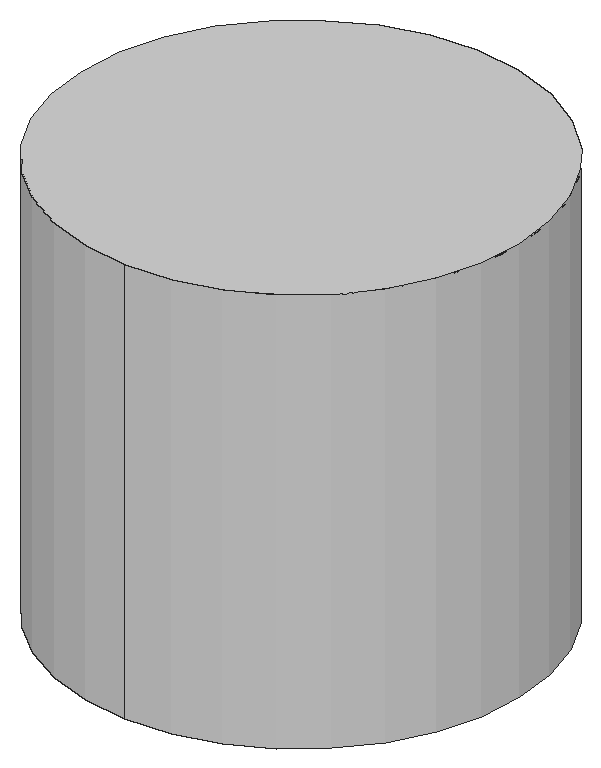
Revit family "Lum_Teto_Spot_Sobrepor", category Lighting Fixtures, host Ceiling, Revit 2025
Family settings
  Host = Ceiling
  Round Connector Dimension = Use Diameter
  Part Type = Normal
  OmniClass Number = 23.80.70.11
  OmniClass Title = Luminaries for Internal Lighting
  Always vertical = Yes
  Cut with Voids When Loaded = No
  Light Source = Yes
  Maintain Annotation Orientation = No
  Shared = No
  Room Calculation Point = No
Parameters (values of type "Luminária_Spot_Sobrepor")
  Wattage = 9.2903 W
  built-in parameter 1150110 = 1 (stored number, unit not read)
  built-in parameter 1114217 = 1 (stored number, unit not read)
  built-in parameter 1150109 = 1 (stored number, unit not read)
  Lumi_Material = Material_Corpo_Luminaria
  Lumi_Raio_Interno = Lumi_Raio - 10 mm  # 44 mm
  Lumi_Raio = 54 mm
  Lumi_Altura = 100 mm
  Default Elevation = 0 mm
  built-in parameter 1150134 = (empty or 0)
  built-in parameter 1150113 = 1 (stored number, unit not read)
  Lumens = 1380 lm
  built-in parameter 1150115 = 1 (stored number, unit not read)
  built-in parameter 1150105 = 439.27 (stored number, unit not read)
  Light Source Symbol Size = Lumi_Raio_Interno * 2  # 88 mm
  built-in parameter 1150137 = (empty or 0)
  built-in parameter 1150139 = (empty or 0)
  built-in parameter 1150112 = 1 (stored number, unit not read)
  built-in parameter 1150114 = 1 (stored number, unit not read)
  built-in parameter 1150132 = 2
  built-in parameter 1150102 = (empty or 0)
  built-in parameter 1150138 = (empty or 0)
  built-in parameter 1150107 = 3000 (stored number, unit not read)
  built-in parameter 1150106 = 4.3927 (stored number, unit not read)
  built-in parameter 1150104 = 13.8 (stored number, unit not read)
  Dimming Lamp Color Temperature Shift = <None>
  Color Filter = 16777215
  built-in parameter 1114218 = 1 (stored number, unit not read)
  built-in parameter 1150133 = 10 (stored number, unit not read)
Reference planes
  plane 1 "Eixo de origem da luz (F/T)": y = 0
  plane 2: z = 0
  plane 3 "Eixo de origem da luz (E/D)": x = 0
  plane 4 "Forro": z = 4000
  plane 5 "Elevação da origem da luz": z = 3900
Forms (mm)
  Extrusion 1, solid, material "Material_Corpo_Luminaria" <- "Lumi_Material"
    sketch origin (0, 0, 4000) x (0, 1, 0) y (-1, 0, 0)
      loop
        circle (0, 0) r 54
    from 0 to -100
  Extrusion 2, void
    sketch origin (0, 0, 4000) x (0, 1, 0) y (-1, 0, 0)
      loop
        circle (0, 0) r 44
    from -8.585 to -100
Cuts and joins
  Extrusion 2 cuts Extrusion 1
Dimensions and locks
  equal spacing: host sketch curve, plane 3 "Eixo de origem da luz (E/D)", host sketch curve
  equal spacing: host sketch curve, plane 1 "Eixo de origem da luz (F/T)", host sketch curve
  host sketch curve to host sketch curve = 4000 mm  (x2)
  plane 4 "Forro" to host ceiling = 0 mm
  "Lumi_Altura": plane 5 "Elevação da origem da luz" to plane 4 "Forro"
  "Lumi_Raio": radius of Extrusion 1 sketch curve
  "Lumi_Raio_Interno": radius of Extrusion 2 sketch curve
  aligned and locked: plane 3 "Eixo de origem da luz (E/D)" to imposter light
  aligned and locked: plane 1 "Eixo de origem da luz (F/T)" to imposter light
  aligned and locked: plane 5 "Elevação da origem da luz" to imposter light
  aligned and locked: plane 5 "Elevação da origem da luz" to Extrusion 1
  aligned and locked: Extrusion 2 to imposter light
Automatic sketch dimensions
  plane 1 "Eixo de origem da luz (F/T)" to Extrusion 2 sketch curve = 0 mm
  Extrusion 2 sketch curve to plane 3 "Eixo de origem da luz (E/D)" = 0 mm
  plane 1 "Eixo de origem da luz (F/T)" to Extrusion 1 sketch curve = 0 mm
  Extrusion 1 sketch curve to plane 3 "Eixo de origem da luz (E/D)" = 0 mm
